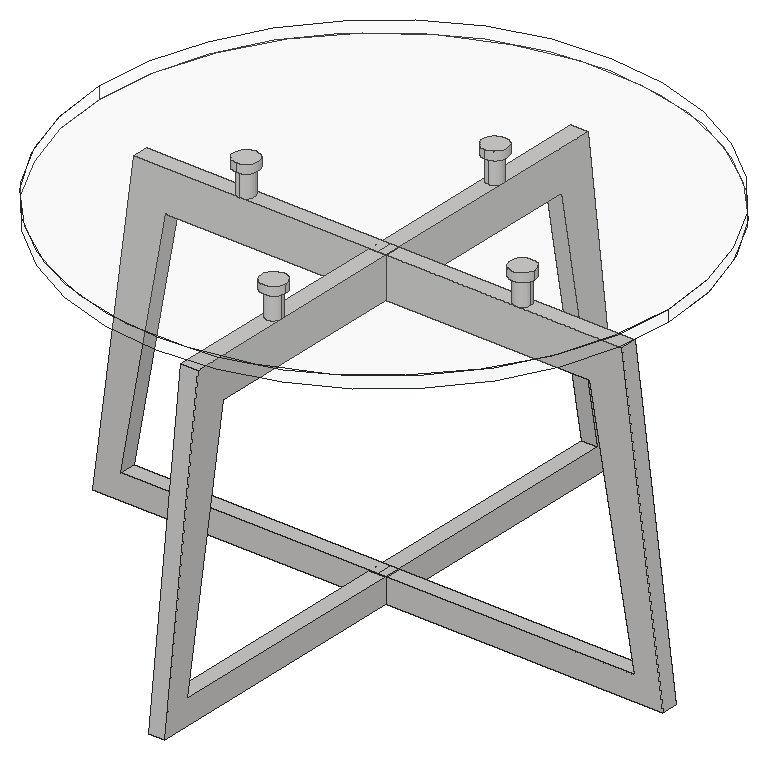
Revit family "Столик журнальный круглый 700мм, столешница из стекла", category Оборудование, Revit 2017
Family settings
  Размер круглого соединителя = Использовать диаметр
  Тип детали = Нормальный
  На основе рабочей плоскости = Нет
  Всегда вертикально = Да
  При загрузке вырезать с полостями = Нет
  Общий = Нет
  Точка расчета площади = Нет
Parameters (values of type "Тип")
  Ширина = 700.0 mm
  Примечание = ""
  Обозначение = "Рилле-445, столешница из стекла"
  Наименование = "Столик журнальный"
  Масса = ""
  Код оборудования = ""
  Keynote = ""
  Изготовитель = "Severin"
  Завод = "Юнитекс"
  Единицы = "шт."
  Model = ""
  Глубина = 700.0 mm
  Высота = 440.0 mm
Reference planes
  plane 1 "По центру (Вперед/Назад)": y = 0
  plane 2: z = 0
  plane 3 "По центру (Влево/Вправо)": x = 0
  plane 4: z = 385
  plane 5: x = 350
  plane 6: x = -350
  plane 7: x = 300
  plane 8: x = 170
  plane 9: y = -170
  plane 10: through (0, 0, 1200) normal (0.7071, -0.7071, 0)
  plane 11: through (0, 0, 1200) normal (0.7071, -0.7071, 0)
Forms (mm)
  Extrusion 1, solid, material "Стекло"
    sketch origin (0, 0, 0) x (1, 0, 0) y (0, 1, 0)
      loop
        circle (0, 0) r 350
    from 425 to 440
  Extrusion 2, solid, material "Сталь, нержавеющая, шлифованная"
    sketch origin (0, 0, 0) x (1, 0, 0) y (0, 0, 1)
      loop
        line (350, 0) -> (300, 385) -> (0, 385) -> (-300, 385) -> (-350, 0) -> (0, 0) -> (350, 0)
      loop
        line (260.585, 335) -> (0, 335) -> (-260.585, 335) -> (-316.204, 30) -> (0, 30) -> (316.204, 30) -> (260.585, 335)
    from -10 to 10
  Extrusion 3, solid, material "Сталь, нержавеющая, шлифованная"
    sketch origin (0, 0, 0) x (0, 1, 0) y (0, 0, 1)
      loop
        line (-350, 0) -> (0, 0) -> (350, 0) -> (300, 385) -> (0, 385) -> (-300, 385) -> (-350, 0)
      loop
        line (-260.585, 335) -> (-316.204, 30) -> (0, 30) -> (316.204, 30) -> (260.585, 335) -> (0, 335) -> (-260.585, 335)
    from -10 to 10
  Extrusion 4, solid, material "Сталь, нержавеющая, шлифованная"
    sketch origin (0, 0, 0) x (1, 0, 0) y (0, 1, 0)
      loop
        circle (0, -170) r 10
      loop
        circle (170, 0) r 10
      loop
        circle (-170, 0) r 10
      loop
        circle (0, 170) r 10
    from 385 to 415
  Extrusion 5, solid, material "Сталь, нержавеющая, шлифованная"
    sketch origin (0, 0, 0) x (1, 0, 0) y (0, 1, 0)
      loop
        circle (170, 0) r 15
      loop
        circle (0, -170) r 15
      loop
        circle (0, 170) r 15
      loop
        circle (-170, 0) r 15
    from 415 to 425
Dimensions and locks
  aligned and locked: level to plane 2
